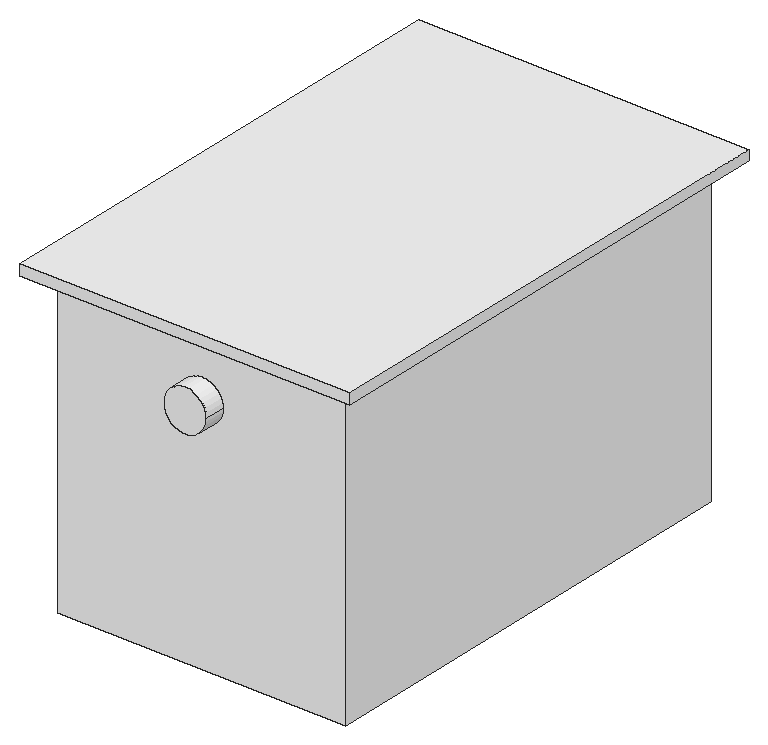
Revit family "Plumbing Fixture-Grease_Interseptor_Mifab_MI-G-SD", category Plumbing Fixtures, host Face, Revit 2013
Parameters (values of type "MI-G-SD-3")
  Water Capacity = "13.59 Gallons"
  WFU = 0
  URL = "www.mifab.com"
  Standard Inlet And Outlet Radii = F / 2  # 1.000"
  Model = "MI-G-SD-3"
  Manufacturer = "MIFAB"
  Interceptor Material = Acid Resistant Epoxy Coated Green
  Grease Capacity = "30 lbs"
  Flow Rate = "15 GPM"
  F = 2.000"
  E = 15.000"
  Description = "Semi- Automatic Grease Interceptors with Draw Off Valve"
  Default Elevation = 0.000"
  D = 11.500"
  C = 3.500"
  B = 15.750"
  Assembly Code = "D2090300"
  A = 23.750"
Types (9): name | Water Capacity | Standard Inlet And Outlet Radii | Model | Grease Capacity | Flow Rate | F | E | D | C | B | Assembly Code | A
  (no name) | "13.59 Gallons" | 1.000" | "MI-G-SD-3" | "30 lbs" | "15 GPM" | 2.000" | 15.000" | 11.500" | 3.500" | 15.750" | "D2090300" | 23.750"
  MI-G-SD-1 | "6 Gallons" | 1.000" | "MI-G-SD-1" | "14 lbs" | "7 GPM" | 2.000" | 12.000" | 8.500" | 3.500" | 13.750" | "D2090300" | 17.750"
  MI-G-SD-2 | "9.74 Gallons" | 1.000" | "MI-G-SD-2" | "20 lbs" | "10 GPM" | 2.000" | 13.000" | 9.500" | 3.500" | 15.750" | "D2090300" | 21.250"
  MI-G-SD-3 | "13.59 Gallons" | 1.000" | "MI-G-SD-3" | "30 lbs" | "15 GPM" | 2.000" | 15.000" | 11.500" | 3.500" | 15.750" | "D2090300" | 23.750"
  MI-G-SD-4 | "16.18 Gallons" | 1.500" | "MI-G-SD-4" | "40 lbs" | "20 GPM" | 3.000" | 17.500" | 14.000" | 3.500" | 15.750" | "D2090300" | 23.750"
  MI-G-SD-5 | "23.34 Gallons" | 1.500" | "MI-G-SD-5" | "50 lbs" | "25 GPM" | 3.000" | 17.500" | 14.000" | 3.500" | 18.750" | 0.000" | 27.750"
  MI-G-SD-6 | "41.31 Gallons" | 1.500" | "MI-G-SD-6" | "70 lbs" | "35 GPM" | 3.000" | 22.000" | 16.500" | 5.500" | 23.750" | "D2090300" | 31.250"
  MI-G-SD-7 | "46.82 Gallons" | 1.500" | "MI-G-SD-7" | "100 lbs" | "50 GPM" | 3.000" | 24.000" | 18.500" | 5.500" | 23.750" | "D2090300" | 31.250"
  MI-G-SD-8 | "108.05 Gallons" | 1.500" | "MI-G-SD-8" | "150 lbs" | "75 GPM" | 3.000" | 32.000" | 26.000" | 6.000" | 28.000" | "D2090300" | 42.000"
Reference planes (in)
  plane 1 "Center (Front/Back)": y = 0
  plane 2: z = 0
  plane 3 "Center (Left/Right)": x = 0
  plane 4: x = -7.875
  plane 5: y = -11.875
  plane 6: y = 11.875
  plane 7: x = 7.875
  plane 8: z = -3.5
  plane 9: z = -15
  plane 10: z = -15
  plane 11: z = -0.1345
  plane 12: z = -14.8655
Forms (in)
  Extrusion 1, solid, material "Acid Resistant Epoxy Coated Green" <- "Interceptor Material"
    sketch origin (0, 0, 0) x (1, 0, 0) y (0, 1, 0)
      loop
        line (-7.875, 11.875) -> (-7.875, -11.875) -> (7.875, -11.875) -> (7.875, 11.875) -> (-7.875, 11.875)
    from 0 to -0.5
  Extrusion 2, solid, material "Acid Resistant Epoxy Coated Green" <- "Interceptor Material"
    sketch origin (0, 0, 0) x (1, 0, 0) y (0, 1, 0)
      loop
        line (-6.875, 10.875) -> (-6.875, -10.875) -> (6.875, -10.875) -> (6.875, 10.875) -> (-6.875, 10.875)
    from 0 to -15
  Extrusion 3, solid, material "Acid Resistant Epoxy Coated Green" <- "Interceptor Material"
    sketch origin (0, 0, 0) x (1, 0, 0) y (0, 0, 1)
      loop
        circle (0, -3.5) r 1
    from -11.875 to 11.875
Cuts and joins
  joined: Extrusion 1, Extrusion 2, Extrusion 3
Lines and regions (in)
  symbolic lines, style "PlumbingFixtures"
    curve 1: line (-7.875, 11.875, 0) -> (7.875, 11.875, 0)
    curve 2: line (-7.875, -11.875, 0) -> (-7.875, 11.875, 0)
    curve 3: line (7.875, -11.875, 0) -> (-7.875, -11.875, 0)
    curve 4: line (7.875, 11.875, 0) -> (7.875, -11.875, 0)
Dimensions and locks (in)
  equal spacing: plane 4, plane 3 "Center (Left/Right)", plane 7
  equal spacing: plane 6, plane 1 "Center (Front/Back)", plane 5
  "B": plane 4 to plane 7
  "A": plane 6 to plane 5
  "C": host face to plane 8
  "D": plane 8 to plane 9
  "E": host face to plane 10
  equal spacing: Extrusion 2 sketch curve, plane 3 "Center (Left/Right)", Extrusion 2 sketch curve
  equal spacing: Extrusion 2 sketch curve, plane 1 "Center (Front/Back)", Extrusion 2 sketch curve
  Extrusion 2 sketch curve to plane 6 = 1.000"
  plane 4 to Extrusion 2 sketch curve = 1.000"
  locked: plane 12 to plane 10 at 0.1345
  locked: host face to plane 11 at 0.1345
  "F": diameter of Extrusion 3 sketch curve
  aligned and locked: plane 2 to host face
  aligned and locked: level to host face
  aligned and locked: Extrusion 1 sketch curve to plane 6
  aligned and locked: plane 4 to Extrusion 1 sketch curve
  aligned and locked: plane 5 to Extrusion 1 sketch curve
  aligned and locked: Extrusion 1 sketch curve to plane 7
  aligned and locked: Extrusion 2 to plane 9
  aligned and locked: Extrusion 3 to plane 5
  aligned and locked: plane 6 to Extrusion 3
  aligned and locked: Extrusion 3 to cut or joined group of Extrusion 1, Extrusion 2, Extrusion 3
  aligned and locked: curve 1 to plane 6
  aligned and locked: plane 4 to curve 2
  aligned and locked: plane 5 to curve 3
  aligned and locked: curve 4 to plane 7
Automatic sketch dimensions
  host sketch curve to host sketch curve = 38.14201"
  host sketch curve to host sketch curve = 49.87698"
  Extrusion 3 sketch curve to plane 3 "Center (Left/Right)" = 0.000"
  Extrusion 3 sketch curve to plane 8 = 0.000"
Connectors (in)
  piping at (0, 11.875, -3.5), driven by "Standard Inlet And Outlet Radii"
    settings: on cut or joined group of Extrusion 1, Extrusion 2, Extrusion 3, index 1, connector radius 1", flow factor 0, pipe flow 0 GPM, pressure drop 0.00 psi, fitting loss kfactor 0, connector angle 0.00°, fixture units 0, engagement length 0.000", flow configuration 0, flow direction 1, fitting loss method 0, system type 16, joint type 0, gender type 0, connector reference index -1, connector utility 0, adjustable connector no, is connector primary yes, fitting loss table "", connector description "In"
  piping at (0, -11.875, -3.5), driven by "Standard Inlet And Outlet Radii"
    settings: on cut or joined group of Extrusion 1, Extrusion 2, Extrusion 3, index 2, connector radius 1", flow factor 0, pipe flow 0 GPM, pressure drop 0.00 psi, fitting loss kfactor 0, connector angle 0.00°, fixture units 0, engagement length 0.000", flow configuration 0, flow direction 2, fitting loss method 0, system type 16, joint type 0, gender type 0, connector reference index -1, connector utility 0, adjustable connector no, is connector primary no, fitting loss table "", connector description "Out"
